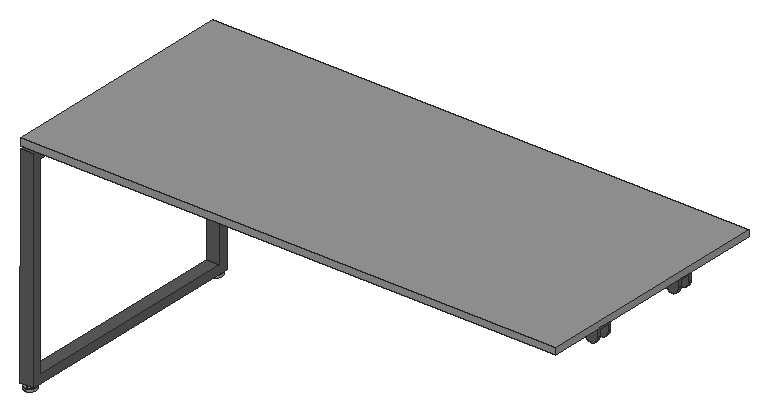
Revit family "Haworth_Tibas_Desk_Rectangular_EU_PRELIMINARY1", category Furniture, Revit 2019 (continued)
Definition of nested family "Haworth_Tibas_CableManagement_HorizontalCableTraySingleWire_PART"
  Definition of nested family "Haworth_Tibas_CableManagement_HorizontalCableTraySingleWire_140cm-PART"
    Forms (cm)
      Extrusion 4, solid, material <- "Trim Finish"
        sketch origin (96.911, 0.625, 79.9413) x (0, -1, 0) y (0, 0, -1)
          loop
            arc (7.5483, 12.45) -> (7.1233, 12.025) -> (7.5483, 11.6) r 0.425
            line (7.5483, 11.6) -> (8.3242, 11.6) -> (8.3242, 11.8) -> (7.5501, 11.8)
            arc (7.5501, 11.8) -> (7.3251, 12.025) -> (7.5501, 12.25) r 0.225
            line (7.5501, 12.25) -> (19.4242, 12.25) -> (19.4242, 5.824)
            arc (19.4242, 5.824) -> (19.4898, 5.6656) -> (19.6482, 5.6) r 0.224
            line (19.6482, 5.6) -> (19.9242, 5.6) -> (19.9242, 3.0224)
            arc (19.9242, 3.0224) -> (19.9893, 2.8651) -> (20.1466, 2.8) r 0.2224
            line (20.1466, 2.8) -> (24.1542, 2.8)
        from -36.501 to -33.501
      Extrusion 5, solid, material <- "Trim Finish"
        sketch origin (-52.1788, 0.625, 79.9413) x (0, -1, 0) y (0, 0, 1)
          loop
            line (24.1542, -2.8) -> (20.1466, -2.8)
            arc (20.1466, -2.8) -> (19.9893, -2.8651) -> (19.9242, -3.0224) r 0.2224
            line (19.9242, -3.0224) -> (19.9242, -5.6) -> (19.6482, -5.6)
            arc (19.6482, -5.6) -> (19.4898, -5.6656) -> (19.4242, -5.824) r 0.224
            line (19.4242, -5.824) -> (19.4242, -12.25) -> (7.5501, -12.25)
            arc (7.5501, -12.25) -> (7.3251, -12.025) -> (7.5501, -11.8) r 0.225
            line (7.5501, -11.8) -> (8.3242, -11.8) -> (8.3242, -11.6) -> (7.5483, -11.6)
            arc (7.5483, -11.6) -> (7.1233, -12.025) -> (7.5483, -12.45) r 0.425
            line (7.5483, -12.45) -> (19.4019, -12.45)
            arc (19.4019, -12.45) -> (19.5591, -12.3849) -> (19.6242, -12.2277) r 0.2223
            line (19.6242, -12.2277) -> (19.6242, -5.8) -> (19.9029, -5.8)
            arc (19.9029, -5.8) -> (20.0594, -5.7352) -> (20.1242, -5.5787) r 0.2213
            line (20.1242, -5.5787) -> (20.1242, -3) -> (24.1742, -3) -> (24.1742, -6) -> (24.3742, -6) -> (24.3742, -3.02)
            arc (24.3742, -3.02) -> (24.3098, -2.8644) -> (24.1542, -2.8) r 0.22
        from -36.501 to -33.501
    Cuts and joins
      Extrusion 2, Extrusion 3 cuts Extrusion 1
    Lines and regions (cm)
      Masking region 1
        outline origin (0, 0, 0) x (1, 0, 0) y (0, 1, 0)
          loop
            line (-49.1964, -4.3686) -> (-49.1964, -20.3686) -> (90.8036, -20.3686) -> (90.8036, -4.3686) -> (-49.1964, -4.3686)
    Dimensions and locks (cm)
      locked: plane 2 "Support Top" to level at 74.1363
      equal spacing: plane 4, plane 6, plane 5 "Front"
      "Actual Depth": plane 5 "Front" to plane 4
      equal spacing: plane 7, plane 3, plane 8
      "Actual Width": plane 7 to plane 8
      aligned and locked: plane 4 to cut or joined group of Extrusion 1, Extrusion 2, Extrusion 3
      aligned and locked: Masking region 1 sketch curve to plane 4
      aligned and locked: Masking region 1 sketch curve to plane 5 "Front"
      aligned and locked: cut or joined group of Extrusion 1, Extrusion 2, Extrusion 3 to plane 7
      aligned and locked: Masking region 1 to plane 7
      aligned and locked: plane 8 to cut or joined group of Extrusion 1, Extrusion 2, Extrusion 3
      aligned and locked: plane 8 to Masking region 1
    Automatic sketch dimensions
      Extrusion 1 sketch curve to plane 2 "Support Top" = 0 cm  (x2)
      Extrusion 1 sketch curve to plane 4 = 0 cm
      Extrusion 1 sketch curve to Extrusion 1 sketch curve = 0.3062 cm
      Extrusion 1 sketch curve to plane 4 = 0.3886 cm
      Extrusion 1 sketch curve to Extrusion 1 sketch curve = 0.1226 cm
      Extrusion 1 sketch curve to plane 5 "Front" = 1.3652 cm
      Extrusion 1 sketch curve to Extrusion 1 sketch curve = 0.0044 cm
      Extrusion 1 sketch curve to Extrusion 1 sketch curve = 0.1959 cm
      Extrusion 1 sketch curve to Extrusion 1 sketch curve = 0.1923 cm
      Extrusion 1 sketch curve to plane 2 "Support Top" = 5.6934 cm
      Extrusion 1 sketch curve to Extrusion 1 sketch curve = 0.0167 cm
      Extrusion 2 sketch curve to Extrusion 2 sketch curve = 0 cm  (x58)
      plane 7 to Extrusion 2 sketch curve = 4.728 cm
      Extrusion 2 sketch curve to plane 2 "Support Top" = 0.1965 cm  (x23)
      Extrusion 2 sketch curve to Extrusion 2 sketch curve = 0.2075 cm  (x31)
      Extrusion 2 sketch curve to Extrusion 2 sketch curve = 5.7925 cm  (x19)
      Extrusion 2 sketch curve to plane 3 = 5.272 cm
      plane 3 to Extrusion 2 sketch curve = 0.728 cm  (x2)
      Extrusion 2 sketch curve to plane 8 = 0.397 cm
      Extrusion 2 sketch curve to Extrusion 2 sketch curve = 3.3128 cm  (x4)
      Extrusion 2 sketch curve to Extrusion 2 sketch curve = 0.1859 cm  (x23)
      Extrusion 2 sketch curve to Extrusion 2 sketch curve = 1.7829 cm  (x14)
      Extrusion 2 sketch curve to Extrusion 2 sketch curve = 0.0134 cm  (x4)
      Extrusion 2 sketch curve to Extrusion 2 sketch curve = 1.7963 cm
      plane 4 to Extrusion 3 sketch curve = 0.3062 cm  (x15)
      plane 7 to Extrusion 3 sketch curve = 9.3145 cm
      Extrusion 3 sketch curve to Extrusion 3 sketch curve = 3.5555 cm
      Extrusion 3 sketch curve to Extrusion 3 sketch curve = 0.1945 cm  (x4)
      Extrusion 3 sketch curve to plane 7 = 0.228 cm
      Extrusion 3 sketch curve to Extrusion 3 sketch curve = 0.2075 cm  (x18)
      Extrusion 3 sketch curve to Extrusion 3 sketch curve = 5.8055 cm  (x11)
      plane 5 "Front" to Extrusion 3 sketch curve = 1.5977 cm  (x12)
      Extrusion 3 sketch curve to Extrusion 3 sketch curve = 5.7925 cm  (x9)
      Extrusion 3 sketch curve to Extrusion 3 sketch curve = 0.2204 cm  (x4)
      plane 3 to Extrusion 3 sketch curve = 3.7202 cm
      Extrusion 3 sketch curve to plane 3 = 2.2927 cm
      plane 8 to Extrusion 3 sketch curve = 1.6037 cm
      Extrusion 3 sketch curve to plane 8 = 4.4093 cm
      Extrusion 3 sketch curve to Extrusion 3 sketch curve = 4.6848 cm
      Extrusion 3 sketch curve to Extrusion 3 sketch curve = 0 cm  (x27)
      Extrusion 4 sketch curve to plane 4 = 2.5547 cm
      Extrusion 4 sketch curve to Extrusion 4 sketch curve = 0.0018 cm
      Extrusion 4 sketch curve to Extrusion 4 sketch curve = 0.7759 cm
      Extrusion 4 sketch curve to plane 5 "Front" = 1.5916 cm
      Extrusion 4 sketch curve to Extrusion 4 sketch curve = 0.0223 cm
      plane 2 "Support Top" to Extrusion 4 sketch curve = 0.005 cm
      Extrusion 4 sketch curve to Extrusion 4 sketch curve = 0.2 cm  (x5)
      Extrusion 4 sketch curve to Extrusion 4 sketch curve = 0.024 cm
      Extrusion 4 sketch curve to Extrusion 4 sketch curve = 0.2547 cm
      Extrusion 4 sketch curve to plane 5 "Front" = 1.0694 cm
      Extrusion 4 sketch curve to Extrusion 4 sketch curve = 0.0224 cm
      plane 5 "Front" to Extrusion 4 sketch curve = 3.1606 cm
      Extrusion 4 sketch curve to Extrusion 4 sketch curve = 0.02 cm  (x2)
      Extrusion 4 sketch curve to Extrusion 4 sketch curve = 2.5563 cm
      Extrusion 4 sketch curve to plane 2 "Support Top" = 0.195 cm
      Extrusion 4 sketch curve to plane 2 "Support Top" = 5.795 cm
      Extrusion 4 sketch curve to Extrusion 4 sketch curve = 0.225 cm
      Extrusion 4 sketch curve to Extrusion 4 sketch curve = 0 cm
      Masking region 1 sketch curve to plane 7 = 0 cm
      Masking region 1 sketch curve to plane 8 = 0 cm
      Extrusion 5 sketch curve to plane 4 = 2.5547 cm
      Extrusion 5 sketch curve to Extrusion 5 sketch curve = 0.0018 cm
      Extrusion 5 sketch curve to Extrusion 5 sketch curve = 0.7759 cm
      Extrusion 5 sketch curve to plane 5 "Front" = 1.5916 cm
      Extrusion 5 sketch curve to Extrusion 5 sketch curve = 0.0223 cm
      plane 2 "Support Top" to Extrusion 5 sketch curve = 0.005 cm
      Extrusion 5 sketch curve to Extrusion 5 sketch curve = 0.2 cm  (x4)
      Extrusion 5 sketch curve to Extrusion 5 sketch curve = 0.024 cm
      Extrusion 5 sketch curve to Extrusion 5 sketch curve = 0.2547 cm
      Extrusion 5 sketch curve to plane 5 "Front" = 1.0694 cm
      Extrusion 5 sketch curve to Extrusion 5 sketch curve = 0.0224 cm
      plane 5 "Front" to Extrusion 5 sketch curve = 3.1606 cm
      Extrusion 5 sketch curve to Extrusion 5 sketch curve = 0.02 cm  (x2)
      Extrusion 5 sketch curve to plane 2 "Support Top" = 0.019 cm
      Extrusion 5 sketch curve to plane 2 "Support Top" = 0.195 cm
      Extrusion 5 sketch curve to plane 2 "Support Top" = 5.795 cm
      Extrusion 5 sketch curve to Extrusion 5 sketch curve = 0.225 cm
      Extrusion 5 sketch curve to Extrusion 5 sketch curve = 0 cm
      Extrusion 5 sketch curve to Extrusion 5 sketch curve = 2.5563 cm
      plane 7 to Extrusion 2 sketch curve = 0.3105 cm
      Extrusion 2 sketch curve to Extrusion 2 sketch curve = 1.8232 cm
  Definition of nested family "Haworth_Tibas_CableManagement_HorizontalCableTraySingleWire_180cm-PART"
    Parameters (values of type "Wire Basket Single - 180cm")
      Warranty = "http://www.haworth.com/resources/product-info/warranties"
      Void Width = 20 cm  # constant formula
      URL = "www.haworth.com"
      Trim Finish = none
      Size = "Verify Final Dim. w/ Haworth"  # constant formula
      Revision Number = "1"  # constant formula
      Model = "Haworth -  Wire Basket "  # constant formula
      Manufacturer = "Haworth"  # constant formula
      Description = "Haworth -  Wire Basket 180cm "  # constant formula
      Cable Tray Finish = none
      Author = "Haworth (Abd Rahman)"  # constant formula
      Assembly Code = "E2020200"
      Actual Width = 180 cm  # constant formula
      Actual Depth = 16 cm  # constant formula
    Reference planes (cm)
      plane 1: z = 0
      plane 2 "Support Top": z = 74.1363
      plane 3: x = 20.8036
      plane 4: y = -4.3686
      plane 5 "Front": y = -20.3686
      plane 6: y = -12.3686
      plane 7: x = -69.1964
      plane 8: x = 110.8036
    Forms (cm)
      Extrusion 1, solid, material <- "Cable Tray Finish"
        sketch origin (-68.41, -24.7371, 0) x (0, 1, 0) y (0, 0, -1)
          loop
            line (5.5335, -74.1362) -> (5.5335, -68.4381)
            arc (5.5335, -68.4381) -> (5.5922, -68.2965) -> (5.7338, -68.2378) r 0.2003
            line (5.7338, -68.2378) -> (19.8574, -68.2378)
            arc (19.8574, -68.2378) -> (20.0023, -68.2979) -> (20.0623, -68.4428) r 0.205
            line (20.0623, -68.4428) -> (20.0623, -74.1362) -> (20.3686, -74.1362) -> (20.3686, -68.4261)
            arc (20.3686, -68.4261) -> (20.2547, -68.1513) -> (19.9799, -68.0374) r 0.3886
            line (19.9799, -68.0374) -> (5.7294, -68.0374)
            arc (5.7294, -68.0374) -> (5.455, -68.1511) -> (5.3413, -68.4255) r 0.3881
            line (5.3413, -68.4255) -> (5.3413, -74.1362) -> (5.5335, -74.1362)
        from -179.2136 to 0.7864
      Extrusion 2, void
        sketch origin (0, -2.9666, 0) x (1, 0, 0) y (0, 0, -1)
          loop
            line (-68.261, -73.9397) -> (-62.4684, -73.9397) -> (-62.4684, -70.6269) -> (-68.261, -70.6269) -> (-68.261, -73.9397)
          loop
            line (-62.4684, -70.4411) -> (-62.4684, -68.6179) -> (-68.261, -68.6179) -> (-68.261, -70.4411) -> (-62.4684, -70.4411)
          loop
            line (-62.261, -73.9397) -> (-56.4684, -73.9397) -> (-56.4684, -70.6269) -> (-62.261, -70.6269) -> (-62.261, -73.9397)
          loop
            line (-56.4684, -70.4411) -> (-56.4684, -68.6179) -> (-62.261, -68.6179) -> (-62.261, -70.4411) -> (-56.4684, -70.4411)
          loop
            line (-56.261, -73.9397) -> (-50.4684, -73.9397) -> (-50.4684, -70.6269) -> (-56.261, -70.6269) -> (-56.261, -73.9397)
          loop
            line (-50.4684, -70.4411) -> (-50.4684, -68.6179) -> (-56.261, -68.6179) -> (-56.261, -70.4411) -> (-50.4684, -70.4411)
          loop
            line (-50.261, -73.9397) -> (-44.4684, -73.9397) -> (-44.4684, -70.6269) -> (-50.261, -70.6269) -> (-50.261, -73.9397)
          loop
            line (-44.4684, -70.4411) -> (-44.4684, -68.6179) -> (-50.261, -68.6179) -> (-50.261, -70.4411) -> (-44.4684, -70.4411)
          loop
            line (-44.261, -73.9397) -> (-38.4684, -73.9397) -> (-38.4684, -70.6269) -> (-44.261, -70.6269) -> (-44.261, -73.9397)
          loop
            line (-38.4684, -70.4411) -> (-38.4684, -68.6448) -> (-44.261, -68.6448) -> (-44.261, -70.4411) -> (-38.4684, -70.4411)
          loop
            line (-38.261, -73.9397) -> (-32.4684, -73.9397) -> (-32.4684, -70.6269) -> (-38.261, -70.6269) -> (-38.261, -73.9397)
          loop
            line (-32.4684, -70.4411) -> (-32.4684, -68.6448) -> (-38.261, -68.6448) -> (-38.261, -70.4411) -> (-32.4684, -70.4411)
          loop
            line (-32.261, -73.9397) -> (-26.4684, -73.9397) -> (-26.4684, -70.6269) -> (-32.261, -70.6269) -> (-32.261, -73.9397)
          loop
            line (-26.4684, -70.4411) -> (-26.4684, -68.6448) -> (-32.261, -68.6448) -> (-32.261, -70.4411) -> (-26.4684, -70.4411)
          loop
            line (-26.261, -73.9397) -> (-20.4684, -73.9397) -> (-20.4684, -70.6269) -> (-26.261, -70.6269) -> (-26.261, -73.9397)
          loop
            line (-20.4684, -70.4411) -> (-20.4684, -68.6582) -> (-26.261, -68.6582) -> (-26.261, -70.4411) -> (-20.4684, -70.4411)
          loop
            line (-20.261, -73.9397) -> (-14.4684, -73.9397) -> (-14.4684, -70.6269) -> (-20.261, -70.6269) -> (-20.261, -73.9397)
          loop
            line (-14.4684, -70.4411) -> (-14.4684, -68.6582) -> (-20.261, -68.6582) -> (-20.261, -70.4411) -> (-14.4684, -70.4411)
          loop
            line (-14.261, -73.9397) -> (-8.4684, -73.9397) -> (-8.4684, -70.6269) -> (-14.261, -70.6269) -> (-14.261, -73.9397)
          loop
            line (-8.4684, -70.4411) -> (-8.4684, -68.6582) -> (-14.261, -68.6582) -> (-14.261, -70.4411) -> (-8.4684, -70.4411)
          loop
            line (-8.261, -73.9397) -> (-2.4684, -73.9397) -> (-2.4684, -70.6269) -> (-8.261, -70.6269) -> (-8.261, -73.9397)
          loop
            line (-2.4684, -70.4411) -> (-2.4684, -68.6448) -> (-8.261, -68.6448) -> (-8.261, -70.4411) -> (-2.4684, -70.4411)
          loop
            line (-2.261, -73.9397) -> (3.5316, -73.9397) -> (3.5316, -70.6269) -> (-2.261, -70.6269) -> (-2.261, -73.9397)
          loop
            line (3.5316, -70.4411) -> (3.5316, -68.6582) -> (-2.261, -68.6582) -> (-2.261, -70.4411) -> (3.5316, -70.4411)
          loop
            line (3.739, -73.9397) -> (9.5316, -73.9397) -> (9.5316, -70.6269) -> (3.739, -70.6269) -> (3.739, -73.9397)
          loop
            line (9.5316, -70.4411) -> (9.5316, -68.6582) -> (3.739, -68.6582) -> (3.739, -70.4411) -> (9.5316, -70.4411)
          loop
            line (9.739, -73.9397) -> (15.5316, -73.9397) -> (15.5316, -70.6269) -> (9.739, -70.6269) -> (9.739, -73.9397)
          loop
            line (15.5316, -70.4411) -> (15.5316, -68.6582) -> (9.739, -68.6582) -> (9.739, -70.4411) -> (15.5316, -70.4411)
          loop
            line (15.739, -73.9397) -> (21.5316, -73.9397) -> (21.5316, -70.6269) -> (15.739, -70.6269) -> (15.739, -73.9397)
          loop
            line (21.5316, -70.4411) -> (21.5316, -68.6582) -> (15.739, -68.6582) -> (15.739, -70.4411) -> (21.5316, -70.4411)
          loop
            line (21.739, -73.9397) -> (27.5316, -73.9397) -> (27.5316, -70.6269) -> (21.739, -70.6269) -> (21.739, -73.9397)
          loop
            line (27.5316, -70.4411) -> (27.5316, -68.6582) -> (21.739, -68.6582) -> (21.739, -70.4411) -> (27.5316, -70.4411)
          loop
            line (27.739, -73.9397) -> (33.5316, -73.9397) -> (33.5316, -70.6269) -> (27.739, -70.6269) -> (27.739, -73.9397)
          loop
            line (33.5316, -70.4411) -> (33.5316, -68.6448) -> (27.739, -68.6448) -> (27.739, -70.4411) -> (33.5316, -70.4411)
          loop
            line (33.739, -73.9397) -> (39.5316, -73.9397) -> (39.5316, -70.6269) -> (33.739, -70.6269) -> (33.739, -73.9397)
          loop
            line (39.5316, -70.4411) -> (39.5316, -68.6582) -> (33.739, -68.6582) -> (33.739, -70.4411) -> (39.5316, -70.4411)
          loop
            line (39.739, -73.9397) -> (45.5316, -73.9397) -> (45.5316, -70.6269) -> (39.739, -70.6269) -> (39.739, -73.9397)
          loop
            line (45.5316, -70.4411) -> (45.5316, -68.6582) -> (39.739, -68.6582) -> (39.739, -70.4411) -> (45.5316, -70.4411)
          loop
            line (45.739, -73.9397) -> (51.5316, -73.9397) -> (51.5316, -70.6269) -> (45.739, -70.6269) -> (45.739, -73.9397)
          loop
            line (51.5316, -70.4411) -> (51.5316, -68.6582) -> (45.739, -68.6582) -> (45.739, -70.4411) -> (51.5316, -70.4411)
          loop
            line (51.739, -73.9397) -> (57.5316, -73.9397) -> (57.5316, -70.6269) -> (51.739, -70.6269) -> (51.739, -73.9397)
          loop
            line (57.5316, -70.4411) -> (57.5316, -68.6582) -> (51.739, -68.6582) -> (51.739, -70.4411) -> (57.5316, -70.4411)
          loop
            line (57.739, -73.9397) -> (63.5316, -73.9397) -> (63.5316, -70.6269) -> (57.739, -70.6269) -> (57.739, -73.9397)
          loop
            line (63.5316, -70.4411) -> (63.5316, -68.6582) -> (57.739, -68.6582) -> (57.739, -70.4411) -> (63.5316, -70.4411)
          loop
            line (63.739, -73.9397) -> (69.5316, -73.9397) -> (69.5316, -70.6269) -> (63.739, -70.6269) -> (63.739, -73.9397)
          loop
            line (69.5316, -70.4411) -> (69.5316, -68.6448) -> (63.739, -68.6448) -> (63.739, -70.4411) -> (69.5316, -70.4411)
          loop
            line (69.739, -73.9397) -> (75.5316, -73.9397) -> (75.5316, -70.6269) -> (69.739, -70.6269) -> (69.739, -73.9397)
          loop
            line (75.5316, -70.4411) -> (75.5316, -68.6582) -> (69.739, -68.6582) -> (69.739, -70.4411) -> (75.5316, -70.4411)
          loop
            line (75.739, -73.9397) -> (81.5316, -73.9397) -> (81.5316, -70.6269) -> (75.739, -70.6269) -> (75.739, -73.9397)
          loop
            line (81.5316, -70.4411) -> (81.5316, -68.6582) -> (75.739, -68.6582) -> (75.739, -70.4411) -> (81.5316, -70.4411)
          loop
            line (81.739, -73.9397) -> (87.5316, -73.9397) -> (87.5316, -70.6269) -> (81.739, -70.6269) -> (81.739, -73.9397)
          loop
            line (87.5316, -70.4411) -> (87.5316, -68.6582) -> (81.739, -68.6582) -> (81.739, -70.4411) -> (87.5316, -70.4411)
          loop
            line (87.739, -73.9397) -> (93.5316, -73.9397) -> (93.5316, -70.6269) -> (87.739, -70.6269) -> (87.739, -73.9397)
          loop
            line (93.5316, -70.4411) -> (93.5316, -68.6582) -> (87.739, -68.6582) -> (87.739, -70.4411) -> (93.5316, -70.4411)
          loop
            line (93.739, -73.9397) -> (98.0316, -73.9397) -> (98.0316, -70.6269) -> (93.739, -70.6269) -> (93.739, -73.9397)
          loop
            line (98.0316, -70.4411) -> (98.0316, -68.6582) -> (93.739, -68.6582) -> (93.739, -70.4411) -> (98.0316, -70.4411)
          loop
            line (98.239, -73.9397) -> (104.0316, -73.9397) -> (104.0316, -70.6269) -> (98.239, -70.6269) -> (98.239, -73.9397)
          loop
            line (104.0316, -70.4411) -> (104.0316, -68.6582) -> (98.239, -68.6582) -> (98.239, -70.4411) -> (104.0316, -70.4411)
          loop
            line (104.239, -73.9397) -> (110.0316, -73.9397) -> (110.0316, -70.6269) -> (104.239, -70.6269) -> (104.239, -73.9397)
          loop
            line (110.0316, -70.4411) -> (110.0316, -68.6582) -> (104.239, -68.6582) -> (104.239, -70.4411) -> (110.0316, -70.4411)
        from -21.2076 to 0.5784
      Extrusion 3, void
        sketch origin (0, -24.7371, 0) x (1, 0, 0) y (0, 1, 0)
          loop
            line (-68.636, 5.9663) -> (-60.9684, 5.9663) -> (-60.9684, 20.0623) -> (-68.636, 20.0623) -> (-68.636, 5.9663)
          loop
            line (-60.761, 5.9663) -> (-54.9555, 5.9663) -> (-54.9555, 20.0623) -> (-60.761, 20.0623) -> (-60.761, 5.9663)
          loop
            line (-54.761, 5.9663) -> (-48.9684, 5.9663) -> (-48.9684, 20.0623) -> (-54.761, 20.0623) -> (-54.761, 5.9663)
          loop
            line (-48.761, 5.9663) -> (-42.9555, 5.9663) -> (-42.9555, 20.0623) -> (-48.761, 20.0623) -> (-48.761, 5.9663)
          loop
            line (-42.761, 5.9663) -> (-36.9684, 5.9663) -> (-36.9684, 20.0623) -> (-42.761, 20.0623) -> (-42.761, 5.9663)
          loop
            line (-36.761, 5.9663) -> (-30.9555, 5.9663) -> (-30.9555, 20.0623) -> (-36.761, 20.0623) -> (-36.761, 5.9663)
          loop
            line (-30.761, 5.9663) -> (-24.9684, 5.9663) -> (-24.9684, 20.0623) -> (-30.761, 20.0623) -> (-30.761, 5.9663)
          loop
            line (-24.761, 5.9663) -> (-18.9555, 5.9663) -> (-18.9555, 20.0623) -> (-24.761, 20.0623) -> (-24.761, 5.9663)
          loop
            line (-18.761, 5.9663) -> (-12.9684, 5.9663) -> (-12.9684, 20.0623) -> (-18.761, 20.0623) -> (-18.761, 5.9663)
          loop
            line (-12.761, 5.9663) -> (-6.9555, 5.9663) -> (-6.9555, 20.0623) -> (-12.761, 20.0623) -> (-12.761, 5.9663)
          loop
            line (-6.748, 5.9663) -> (-0.9555, 5.9663) -> (-0.9555, 20.0623) -> (-6.748, 20.0623) -> (-6.748, 5.9663)
          loop
            line (-0.748, 5.9663) -> (5.0575, 5.9663) -> (5.0575, 20.0623) -> (-0.748, 20.0623) -> (-0.748, 5.9663)
          loop
            line (5.2779, 5.9663) -> (11.0704, 5.9663) -> (11.0704, 20.0623) -> (5.2779, 20.0623) -> (5.2779, 5.9663)
          loop
            line (11.2779, 5.9663) -> (17.0834, 5.9663) -> (17.0834, 20.0623) -> (11.2779, 20.0623) -> (11.2779, 5.9663)
          loop
            line (17.2908, 5.9663) -> (23.0963, 5.9663) -> (23.0963, 20.0623) -> (17.2908, 20.0623) -> (17.2908, 5.9663)
          loop
            line (23.3038, 5.9663) -> (29.0963, 5.9663) -> (29.0963, 20.0623) -> (23.3038, 20.0623) -> (23.3038, 5.9663)
          loop
            line (29.3038, 5.9663) -> (35.1093, 5.9663) -> (35.1093, 20.0623) -> (29.3038, 20.0623) -> (29.3038, 5.9663)
          loop
            line (35.3297, 5.9663) -> (41.1222, 5.9663) -> (41.1222, 20.0623) -> (35.3297, 20.0623) -> (35.3297, 5.9663)
          loop
            line (41.3297, 5.9663) -> (47.1351, 5.9663) -> (47.1351, 20.0623) -> (41.3297, 20.0623) -> (41.3297, 5.9663)
          loop
            line (47.3426, 5.9663) -> (53.1481, 5.9663) -> (53.1481, 20.0623) -> (47.3426, 20.0623) -> (47.3426, 5.9663)
          loop
            line (53.3556, 5.9663) -> (59.1481, 5.9663) -> (59.1481, 20.0623) -> (53.3556, 20.0623) -> (53.3556, 5.9663)
          loop
            line (59.3556, 5.9663) -> (65.161, 5.9663) -> (65.161, 20.0623) -> (59.3556, 20.0623) -> (59.3556, 5.9663)
          loop
            line (65.3815, 5.9663) -> (71.174, 5.9663) -> (71.174, 20.0623) -> (65.3815, 20.0623) -> (65.3815, 5.9663)
          loop
            line (71.3815, 5.9663) -> (77.1869, 5.9663) -> (77.1869, 20.0623) -> (71.3815, 20.0623) -> (71.3815, 5.9663)
          loop
            line (77.3944, 5.9663) -> (83.1999, 5.9663) -> (83.1999, 20.0623) -> (77.3944, 20.0623) -> (77.3944, 5.9663)
          loop
            line (83.4074, 5.9663) -> (89.1999, 5.9663) -> (89.1999, 20.0623) -> (83.4074, 20.0623) -> (83.4074, 5.9663)
          loop
            line (89.4074, 5.9663) -> (95.2128, 5.9663) -> (95.2128, 20.0623) -> (89.4074, 20.0623) -> (89.4074, 5.9663)
          loop
            line (95.4333, 5.9663) -> (101.2258, 5.9663) -> (101.2258, 20.0623) -> (95.4333, 20.0623) -> (95.4333, 5.9663)
          loop
            line (101.4333, 5.9663) -> (107.2387, 5.9663) -> (107.2387, 20.0623) -> (101.4333, 20.0623) -> (101.4333, 5.9663)
          loop
            line (107.4592, 5.9663) -> (110.2517, 5.9663) -> (110.2517, 20.0623) -> (107.4592, 20.0623) -> (107.4592, 5.9663)
        from 0 to 76.0995
      Extrusion 4, solid, material <- "Trim Finish"
        sketch origin (113.911, 0.625, 79.9413) x (0, -1, 0) y (0, 0, -1)
          loop
            arc (24.1542, 2.8) -> (24.3098, 2.8644) -> (24.3742, 3.02) r 0.22
            line (24.3742, 3.02) -> (24.3742, 6) -> (24.1742, 6) -> (24.1742, 3) -> (20.1242, 3) -> (20.1242, 5.5787)
            arc (20.1242, 5.5787) -> (20.0594, 5.7352) -> (19.9029, 5.8) r 0.2213
            line (19.9029, 5.8) -> (19.6242, 5.8) -> (19.6242, 12.2277)
            arc (19.6242, 12.2277) -> (19.5591, 12.3849) -> (19.4019, 12.45) r 0.2223
            line (19.4019, 12.45) -> (7.5483, 12.45)
            arc (7.5483, 12.45) -> (7.1233, 12.025) -> (7.5483, 11.6) r 0.425
            line (7.5483, 11.6) -> (8.3242, 11.6) -> (8.3242, 11.8) -> (7.5501, 11.8)
            arc (7.5501, 11.8) -> (7.3251, 12.025) -> (7.5501, 12.25) r 0.225
            line (7.5501, 12.25) -> (19.4242, 12.25) -> (19.4242, 5.824)
            arc (19.4242, 5.824) -> (19.4898, 5.6656) -> (19.6482, 5.6) r 0.224
            line (19.6482, 5.6) -> (19.9242, 5.6) -> (19.9242, 3.0224)
            arc (19.9242, 3.0224) -> (19.9893, 2.8651) -> (20.1466, 2.8) r 0.2224
            line (20.1466, 2.8) -> (24.1542, 2.8)
        from -36.501 to -33.501
      Extrusion 5, solid, material <- "Trim Finish"
        sketch origin (-72.3038, 0.625, 79.9413) x (0, -1, 0) y (0, 0, 1)
          loop
            line (24.1542, -2.8) -> (20.1466, -2.8)
            arc (20.1466, -2.8) -> (19.9893, -2.8651) -> (19.9242, -3.0224) r 0.2224
            line (19.9242, -3.0224) -> (19.9242, -5.6) -> (19.6482, -5.6)
            arc (19.6482, -5.6) -> (19.4898, -5.6656) -> (19.4242, -5.824) r 0.224
            line (19.4242, -5.824) -> (19.4242, -12.25) -> (7.5501, -12.25)
            arc (7.5501, -12.25) -> (7.3251, -12.025) -> (7.5501, -11.8) r 0.225
            line (7.5501, -11.8) -> (8.3242, -11.8) -> (8.3242, -11.6) -> (7.5483, -11.6)
            arc (7.5483, -11.6) -> (7.1233, -12.025) -> (7.5483, -12.45) r 0.425
            line (7.5483, -12.45) -> (19.4019, -12.45)
            arc (19.4019, -12.45) -> (19.5591, -12.3849) -> (19.6242, -12.2277) r 0.2223
            line (19.6242, -12.2277) -> (19.6242, -5.8) -> (19.9029, -5.8)
            arc (19.9029, -5.8) -> (20.0594, -5.7352) -> (20.1242, -5.5787) r 0.2213
            line (20.1242, -5.5787) -> (20.1242, -3) -> (24.1742, -3) -> (24.1742, -6) -> (24.3742, -6) -> (24.3742, -3.02)
            arc (24.3742, -3.02) -> (24.3098, -2.8644) -> (24.1542, -2.8) r 0.22
        from -36.501 to -33.501
    Cuts and joins
      Extrusion 2, Extrusion 3 cuts Extrusion 1
    Lines and regions (cm)
      Masking region 1
        outline origin (0, 0, 0) x (1, 0, 0) y (0, 1, 0)
          loop
            line (-69.1964, -4.3686) -> (-69.1964, -20.3686) -> (110.8036, -20.3686) -> (110.8036, -4.3686) -> (-69.1964, -4.3686)
    Dimensions and locks (cm)
      locked: plane 2 "Support Top" to level at 74.1363
      equal spacing: plane 4, plane 6, plane 5 "Front"
      "Actual Depth": plane 5 "Front" to plane 4
      equal spacing: plane 7, plane 3, plane 8
      "Actual Width": plane 7 to plane 8
      aligned and locked: plane 4 to cut or joined group of Extrusion 1, Extrusion 2, Extrusion 3
      aligned and locked: Masking region 1 sketch curve to plane 4
      aligned and locked: Masking region 1 sketch curve to plane 5 "Front"
      aligned and locked: Masking region 1 sketch curve to plane 8
      aligned and locked: plane 7 to Masking region 1 sketch curve
      aligned and locked: cut or joined group of Extrusion 1, Extrusion 2, Extrusion 3 to plane 7
      aligned and locked: plane 8 to cut or joined group of Extrusion 1, Extrusion 2, Extrusion 3
    Automatic sketch dimensions
      Extrusion 1 sketch curve to plane 2 "Support Top" = 0 cm  (x2)
      Extrusion 1 sketch curve to plane 4 = 0 cm
      Extrusion 1 sketch curve to Extrusion 1 sketch curve = 0.3062 cm
      Extrusion 1 sketch curve to plane 4 = 0.3886 cm
      Extrusion 1 sketch curve to Extrusion 1 sketch curve = 0.1226 cm
      Extrusion 1 sketch curve to plane 5 "Front" = 1.3652 cm
      Extrusion 1 sketch curve to Extrusion 1 sketch curve = 0.0044 cm
      Extrusion 1 sketch curve to Extrusion 1 sketch curve = 0.1959 cm
      Extrusion 1 sketch curve to Extrusion 1 sketch curve = 0.1923 cm
      Extrusion 1 sketch curve to plane 2 "Support Top" = 5.6934 cm
      Extrusion 1 sketch curve to Extrusion 1 sketch curve = 0.0167 cm
      Extrusion 2 sketch curve to plane 2 "Support Top" = 0.1965 cm  (x30)
      plane 7 to Extrusion 2 sketch curve = 0.9355 cm
      Extrusion 2 sketch curve to Extrusion 2 sketch curve = 0 cm  (x75)
      Extrusion 2 sketch curve to Extrusion 2 sketch curve = 5.7925 cm  (x26)
      Extrusion 2 sketch curve to Extrusion 2 sketch curve = 0.2075 cm  (x40)
      Extrusion 2 sketch curve to plane 3 = 5.272 cm
      plane 3 to Extrusion 2 sketch curve = 0.728 cm  (x2)
      Extrusion 2 sketch curve to Extrusion 2 sketch curve = 4.2925 cm
      Extrusion 2 sketch curve to plane 8 = 0.772 cm  (x2)
      Extrusion 2 sketch curve to Extrusion 2 sketch curve = 3.3128 cm  (x6)
      Extrusion 2 sketch curve to Extrusion 2 sketch curve = 0.1859 cm  (x30)
      Extrusion 2 sketch curve to Extrusion 2 sketch curve = 1.7829 cm  (x17)
      Extrusion 2 sketch curve to Extrusion 2 sketch curve = 1.7963 cm  (x3)
      Extrusion 2 sketch curve to Extrusion 2 sketch curve = 0.0134 cm  (x3)
      Extrusion 2 sketch curve to Extrusion 2 sketch curve = 1.8232 cm  (x3)
      Extrusion 3 sketch curve to plane 7 = 0.5605 cm
      plane 4 to Extrusion 3 sketch curve = 0.3062 cm  (x23)
      Extrusion 3 sketch curve to Extrusion 3 sketch curve = 7.6675 cm
      Extrusion 3 sketch curve to Extrusion 3 sketch curve = 0.2075 cm  (x20)
      Extrusion 3 sketch curve to Extrusion 3 sketch curve = 5.8055 cm  (x13)
      Extrusion 3 sketch curve to Extrusion 3 sketch curve = 0.1945 cm  (x4)
      Extrusion 3 sketch curve to Extrusion 3 sketch curve = 5.7925 cm  (x12)
      Extrusion 3 sketch curve to Extrusion 3 sketch curve = 0.2204 cm  (x5)
      plane 3 to Extrusion 3 sketch curve = 3.7202 cm
      Extrusion 3 sketch curve to plane 3 = 2.2927 cm
      plane 5 "Front" to Extrusion 3 sketch curve = 1.5977 cm  (x8)
      plane 8 to Extrusion 3 sketch curve = 3.5648 cm
      plane 8 to Extrusion 3 sketch curve = 0.5519 cm
      Extrusion 3 sketch curve to Extrusion 3 sketch curve = 0 cm  (x29)
      Extrusion 4 sketch curve to plane 4 = 2.5547 cm
      Extrusion 4 sketch curve to Extrusion 4 sketch curve = 0.0018 cm
      Extrusion 4 sketch curve to Extrusion 4 sketch curve = 0.7759 cm
      Extrusion 4 sketch curve to plane 5 "Front" = 1.5916 cm
      Extrusion 4 sketch curve to Extrusion 4 sketch curve = 0.0223 cm
      plane 2 "Support Top" to Extrusion 4 sketch curve = 0.005 cm
      Extrusion 4 sketch curve to Extrusion 4 sketch curve = 0.2 cm  (x5)
      Extrusion 4 sketch curve to Extrusion 4 sketch curve = 0.024 cm
      Extrusion 4 sketch curve to Extrusion 4 sketch curve = 0.2547 cm
      Extrusion 4 sketch curve to plane 5 "Front" = 1.0694 cm
      Extrusion 4 sketch curve to Extrusion 4 sketch curve = 0.0224 cm
      plane 5 "Front" to Extrusion 4 sketch curve = 3.1606 cm
      Extrusion 4 sketch curve to Extrusion 4 sketch curve = 0.02 cm  (x2)
      Extrusion 4 sketch curve to Extrusion 4 sketch curve = 2.5563 cm
      Extrusion 4 sketch curve to plane 2 "Support Top" = 0.195 cm
      Extrusion 4 sketch curve to plane 2 "Support Top" = 5.795 cm
      Extrusion 4 sketch curve to Extrusion 4 sketch curve = 0.225 cm
      Extrusion 4 sketch curve to Extrusion 4 sketch curve = 0 cm
      Extrusion 5 sketch curve to plane 4 = 2.5547 cm
      Extrusion 5 sketch curve to Extrusion 5 sketch curve = 0.0018 cm
      Extrusion 5 sketch curve to Extrusion 5 sketch curve = 0.7759 cm
      Extrusion 5 sketch curve to plane 5 "Front" = 1.5916 cm
      Extrusion 5 sketch curve to Extrusion 5 sketch curve = 0.0223 cm
      plane 2 "Support Top" to Extrusion 5 sketch curve = 0.005 cm
      Extrusion 5 sketch curve to Extrusion 5 sketch curve = 0.2 cm  (x4)
      Extrusion 5 sketch curve to Extrusion 5 sketch curve = 0.024 cm
      Extrusion 5 sketch curve to Extrusion 5 sketch curve = 0.2547 cm
      Extrusion 5 sketch curve to plane 5 "Front" = 1.0694 cm
      Extrusion 5 sketch curve to Extrusion 5 sketch curve = 0.0224 cm
      plane 5 "Front" to Extrusion 5 sketch curve = 3.1606 cm
      Extrusion 5 sketch curve to Extrusion 5 sketch curve = 0.02 cm  (x2)
      Extrusion 5 sketch curve to plane 2 "Support Top" = 0.019 cm
      Extrusion 5 sketch curve to plane 2 "Support Top" = 0.195 cm
      Extrusion 5 sketch curve to plane 2 "Support Top" = 5.795 cm
      Extrusion 5 sketch curve to Extrusion 5 sketch curve = 0.225 cm
      Extrusion 5 sketch curve to Extrusion 5 sketch curve = 0 cm
      Extrusion 5 sketch curve to Extrusion 5 sketch curve = 2.5563 cm
  Definition of nested family "Haworth_Tibas_CableManagement_HorizontalCableTraySingleWire_200cm-PART"
    Parameters (values of type "Wire Basket Single - 200cm")
      Warranty = "http://www.haworth.com/resources/product-info/warranties"
      Void Width = 20 cm  # constant formula
      URL = "www.haworth.com"
      Trim Finish = none
      Size = "Verify Final Dim. w/ Haworth"  # constant formula
      Revision Number = "1"  # constant formula
      Model = "Haworth -  Wire Basket "  # constant formula
      Manufacturer = "Haworth"  # constant formula
      Description = "Haworth -  Wire Basket 200cm "  # constant formula
      Cable Tray Finish = none
      Author = "Haworth (Abd Rahman)"  # constant formula
      Assembly Code = "E2020200"
      Actual Width = 200 cm  # constant formula
      Actual Depth = 16 cm  # constant formula
    Reference planes (cm)
      plane 1: z = 0
      plane 2 "Support Top": z = 74.1363
      plane 3: x = -79.1964
      plane 4: x = 120.8036
      plane 5: x = 20.8036
      plane 6: y = -4.3686
      plane 7 "Front": y = -20.3686
      plane 8: y = -12.3686
    Forms (cm)
      Extrusion 1, solid, material <- "Cable Tray Finish"
        sketch origin (-68.41, -24.7371, 0) x (0, 1, 0) y (0, 0, -1)
          loop
            line (5.5335, -74.1362) -> (5.5335, -68.4381)
            arc (5.5335, -68.4381) -> (5.5922, -68.2965) -> (5.7338, -68.2378) r 0.2003
            line (5.7338, -68.2378) -> (19.8574, -68.2378)
            arc (19.8574, -68.2378) -> (20.0023, -68.2979) -> (20.0623, -68.4428) r 0.205
            line (20.0623, -68.4428) -> (20.0623, -74.1362) -> (20.3686, -74.1362) -> (20.3686, -68.4261)
            arc (20.3686, -68.4261) -> (20.2547, -68.1513) -> (19.9799, -68.0374) r 0.3886
            line (19.9799, -68.0374) -> (5.7294, -68.0374)
            arc (5.7294, -68.0374) -> (5.455, -68.1511) -> (5.3413, -68.4255) r 0.3881
            line (5.3413, -68.4255) -> (5.3413, -74.1362) -> (5.5335, -74.1362)
        from -189.2136 to 10.7864
      Extrusion 2, void
        sketch origin (0, -2.9666, 0) x (1, 0, 0) y (0, 0, -1)
          loop
            line (-74.261, -73.9397) -> (-68.4684, -73.9397) -> (-68.4684, -70.6269) -> (-74.261, -70.6269) -> (-74.261, -73.9397)
          loop
            line (-68.4684, -70.4411) -> (-68.4684, -68.6179) -> (-74.261, -68.6179) -> (-74.261, -70.4411) -> (-68.4684, -70.4411)
          loop
            line (-68.261, -73.9397) -> (-62.4684, -73.9397) -> (-62.4684, -70.6269) -> (-68.261, -70.6269) -> (-68.261, -73.9397)
          loop
            line (-62.4684, -70.4411) -> (-62.4684, -68.6179) -> (-68.261, -68.6179) -> (-68.261, -70.4411) -> (-62.4684, -70.4411)
          loop
            line (-62.261, -73.9397) -> (-56.4684, -73.9397) -> (-56.4684, -70.6269) -> (-62.261, -70.6269) -> (-62.261, -73.9397)
          loop
            line (-56.4684, -70.4411) -> (-56.4684, -68.6179) -> (-62.261, -68.6179) -> (-62.261, -70.4411) -> (-56.4684, -70.4411)
          loop
            line (-56.261, -73.9397) -> (-50.4684, -73.9397) -> (-50.4684, -70.6269) -> (-56.261, -70.6269) -> (-56.261, -73.9397)
          loop
            line (-50.4684, -70.4411) -> (-50.4684, -68.6179) -> (-56.261, -68.6179) -> (-56.261, -70.4411) -> (-50.4684, -70.4411)
          loop
            line (-50.261, -73.9397) -> (-44.4684, -73.9397) -> (-44.4684, -70.6269) -> (-50.261, -70.6269) -> (-50.261, -73.9397)
          loop
            line (-44.4684, -70.4411) -> (-44.4684, -68.6179) -> (-50.261, -68.6179) -> (-50.261, -70.4411) -> (-44.4684, -70.4411)
          loop
            line (-78.5742, -73.9397) -> (-74.4664, -73.9397) -> (-74.4664, -70.6269) -> (-78.5742, -70.6269) -> (-78.5742, -73.9397)
          loop
            line (-74.4664, -70.4411) -> (-74.4664, -68.6179) -> (-78.5619, -68.6179) -> (-78.5619, -70.4411) -> (-74.4664, -70.4411)
          loop
            line (-44.261, -73.9397) -> (-38.4684, -73.9397) -> (-38.4684, -70.6269) -> (-44.261, -70.6269) -> (-44.261, -73.9397)
          loop
            line (-38.4684, -70.4411) -> (-38.4684, -68.6448) -> (-44.261, -68.6448) -> (-44.261, -70.4411) -> (-38.4684, -70.4411)
          loop
            line (-38.261, -73.9397) -> (-32.4684, -73.9397) -> (-32.4684, -70.6269) -> (-38.261, -70.6269) -> (-38.261, -73.9397)
          loop
            line (-32.4684, -70.4411) -> (-32.4684, -68.6448) -> (-38.261, -68.6448) -> (-38.261, -70.4411) -> (-32.4684, -70.4411)
          loop
            line (-32.261, -73.9397) -> (-26.4684, -73.9397) -> (-26.4684, -70.6269) -> (-32.261, -70.6269) -> (-32.261, -73.9397)
          loop
            line (-26.4684, -70.4411) -> (-26.4684, -68.6448) -> (-32.261, -68.6448) -> (-32.261, -70.4411) -> (-26.4684, -70.4411)
          loop
            line (-26.261, -73.9397) -> (-20.4684, -73.9397) -> (-20.4684, -70.6269) -> (-26.261, -70.6269) -> (-26.261, -73.9397)
          loop
            line (-20.4684, -70.4411) -> (-20.4684, -68.6582) -> (-26.261, -68.6582) -> (-26.261, -70.4411) -> (-20.4684, -70.4411)
          loop
            line (-20.261, -73.9397) -> (-14.4684, -73.9397) -> (-14.4684, -70.6269) -> (-20.261, -70.6269) -> (-20.261, -73.9397)
          loop
            line (-14.4684, -70.4411) -> (-14.4684, -68.6582) -> (-20.261, -68.6582) -> (-20.261, -70.4411) -> (-14.4684, -70.4411)
          loop
            line (-14.261, -73.9397) -> (-8.4684, -73.9397) -> (-8.4684, -70.6269) -> (-14.261, -70.6269) -> (-14.261, -73.9397)
          loop
            line (-8.4684, -70.4411) -> (-8.4684, -68.6582) -> (-14.261, -68.6582) -> (-14.261, -70.4411) -> (-8.4684, -70.4411)
          loop
            line (-8.261, -73.9397) -> (-2.4684, -73.9397) -> (-2.4684, -70.6269) -> (-8.261, -70.6269) -> (-8.261, -73.9397)
          loop
            line (-2.4684, -70.4411) -> (-2.4684, -68.6448) -> (-8.261, -68.6448) -> (-8.261, -70.4411) -> (-2.4684, -70.4411)
          loop
            line (-2.261, -73.9397) -> (3.5316, -73.9397) -> (3.5316, -70.6269) -> (-2.261, -70.6269) -> (-2.261, -73.9397)
          loop
            line (3.5316, -70.4411) -> (3.5316, -68.6582) -> (-2.261, -68.6582) -> (-2.261, -70.4411) -> (3.5316, -70.4411)
          loop
            line (3.739, -73.9397) -> (9.5316, -73.9397) -> (9.5316, -70.6269) -> (3.739, -70.6269) -> (3.739, -73.9397)
          loop
            line (9.5316, -70.4411) -> (9.5316, -68.6582) -> (3.739, -68.6582) -> (3.739, -70.4411) -> (9.5316, -70.4411)
          loop
            line (9.739, -73.9397) -> (15.5316, -73.9397) -> (15.5316, -70.6269) -> (9.739, -70.6269) -> (9.739, -73.9397)
          loop
            line (15.5316, -70.4411) -> (15.5316, -68.6582) -> (9.739, -68.6582) -> (9.739, -70.4411) -> (15.5316, -70.4411)
          loop
            line (15.739, -73.9397) -> (21.5316, -73.9397) -> (21.5316, -70.6269) -> (15.739, -70.6269) -> (15.739, -73.9397)
          loop
            line (21.5316, -70.4411) -> (21.5316, -68.6582) -> (15.739, -68.6582) -> (15.739, -70.4411) -> (21.5316, -70.4411)
          loop
            line (21.739, -73.9397) -> (27.5316, -73.9397) -> (27.5316, -70.6269) -> (21.739, -70.6269) -> (21.739, -73.9397)
          loop
            line (27.5316, -70.4411) -> (27.5316, -68.6582) -> (21.739, -68.6582) -> (21.739, -70.4411) -> (27.5316, -70.4411)
          loop
            line (27.739, -73.9397) -> (33.5316, -73.9397) -> (33.5316, -70.6269) -> (27.739, -70.6269) -> (27.739, -73.9397)
          loop
            line (33.5316, -70.4411) -> (33.5316, -68.6448) -> (27.739, -68.6448) -> (27.739, -70.4411) -> (33.5316, -70.4411)
          loop
            line (33.739, -73.9397) -> (39.5316, -73.9397) -> (39.5316, -70.6269) -> (33.739, -70.6269) -> (33.739, -73.9397)
          loop
            line (39.5316, -70.4411) -> (39.5316, -68.6582) -> (33.739, -68.6582) -> (33.739, -70.4411) -> (39.5316, -70.4411)
          loop
            line (39.739, -73.9397) -> (45.5316, -73.9397) -> (45.5316, -70.6269) -> (39.739, -70.6269) -> (39.739, -73.9397)
          loop
            line (45.5316, -70.4411) -> (45.5316, -68.6582) -> (39.739, -68.6582) -> (39.739, -70.4411) -> (45.5316, -70.4411)
          loop
            line (45.739, -73.9397) -> (51.5316, -73.9397) -> (51.5316, -70.6269) -> (45.739, -70.6269) -> (45.739, -73.9397)
          loop
            line (51.5316, -70.4411) -> (51.5316, -68.6582) -> (45.739, -68.6582) -> (45.739, -70.4411) -> (51.5316, -70.4411)
          loop
            line (51.739, -73.9397) -> (57.5316, -73.9397) -> (57.5316, -70.6269) -> (51.739, -70.6269) -> (51.739, -73.9397)
          loop
            line (57.5316, -70.4411) -> (57.5316, -68.6582) -> (51.739, -68.6582) -> (51.739, -70.4411) -> (57.5316, -70.4411)
          loop
            line (57.739, -73.9397) -> (63.5316, -73.9397) -> (63.5316, -70.6269) -> (57.739, -70.6269) -> (57.739, -73.9397)
          loop
            line (63.5316, -70.4411) -> (63.5316, -68.6582) -> (57.739, -68.6582) -> (57.739, -70.4411) -> (63.5316, -70.4411)
          loop
            line (63.739, -73.9397) -> (69.5316, -73.9397) -> (69.5316, -70.6269) -> (63.739, -70.6269) -> (63.739, -73.9397)
          loop
            line (69.5316, -70.4411) -> (69.5316, -68.6448) -> (63.739, -68.6448) -> (63.739, -70.4411) -> (69.5316, -70.4411)
          loop
            line (69.739, -73.9397) -> (75.5316, -73.9397) -> (75.5316, -70.6269) -> (69.739, -70.6269) -> (69.739, -73.9397)
          loop
            line (75.5316, -70.4411) -> (75.5316, -68.6582) -> (69.739, -68.6582) -> (69.739, -70.4411) -> (75.5316, -70.4411)
          loop
            line (75.739, -73.9397) -> (81.5316, -73.9397) -> (81.5316, -70.6269) -> (75.739, -70.6269) -> (75.739, -73.9397)
          loop
            line (81.5316, -70.4411) -> (81.5316, -68.6582) -> (75.739, -68.6582) -> (75.739, -70.4411) -> (81.5316, -70.4411)
          loop
            line (81.739, -73.9397) -> (87.5316, -73.9397) -> (87.5316, -70.6269) -> (81.739, -70.6269) -> (81.739, -73.9397)
          loop
            line (87.5316, -70.4411) -> (87.5316, -68.6582) -> (81.739, -68.6582) -> (81.739, -70.4411) -> (87.5316, -70.4411)
          loop
            line (87.739, -73.9397) -> (93.5316, -73.9397) -> (93.5316, -70.6269) -> (87.739, -70.6269) -> (87.739, -73.9397)
          loop
            line (93.5316, -70.4411) -> (93.5316, -68.6582) -> (87.739, -68.6582) -> (87.739, -70.4411) -> (93.5316, -70.4411)
          loop
            line (93.739, -73.9397) -> (98.0316, -73.9397) -> (98.0316, -70.6269) -> (93.739, -70.6269) -> (93.739, -73.9397)
          loop
            line (98.0316, -70.4411) -> (98.0316, -68.6582) -> (93.739, -68.6582) -> (93.739, -70.4411) -> (98.0316, -70.4411)
          loop
            line (98.239, -73.9397) -> (104.0316, -73.9397) -> (104.0316, -70.6269) -> (98.239, -70.6269) -> (98.239, -73.9397)
          loop
            line (104.0316, -70.4411) -> (104.0316, -68.6582) -> (98.239, -68.6582) -> (98.239, -70.4411) -> (104.0316, -70.4411)
          loop
            line (104.239, -73.9397) -> (110.0316, -73.9397) -> (110.0316, -70.6269) -> (104.239, -70.6269) -> (104.239, -73.9397)
          loop
            line (110.0316, -70.4411) -> (110.0316, -68.6582) -> (104.239, -68.6582) -> (104.239, -70.4411) -> (110.0316, -70.4411)
          loop
            line (110.239, -73.9397) -> (116.0316, -73.9397) -> (116.0316, -70.6269) -> (110.239, -70.6269) -> (110.239, -73.9397)
          loop
            line (116.0316, -70.4411) -> (116.0316, -68.6582) -> (110.239, -68.6582) -> (110.239, -70.4411) -> (116.0316, -70.4411)
          loop
            line (116.239, -73.9397) -> (120.5316, -73.9397) -> (120.5316, -70.6269) -> (116.239, -70.6269) -> (116.239, -73.9397)
          loop
            line (120.5316, -70.4411) -> (120.5316, -68.6582) -> (116.239, -68.6582) -> (116.239, -70.4411) -> (120.5316, -70.4411)
        from -21.2076 to 0.5784
      Extrusion 3, void
        sketch origin (0, -24.7371, 0) x (1, 0, 0) y (0, 1, 0)
          loop
            line (-78.6964, 5.9663) -> (-72.9664, 5.9663) -> (-72.9664, 20.0623) -> (-78.6964, 20.0623) -> (-78.6964, 5.9663)
          loop
            line (-72.761, 5.9663) -> (-66.9555, 5.9663) -> (-66.9555, 20.0623) -> (-72.761, 20.0623) -> (-72.761, 5.9663)
          loop
            line (-66.761, 5.9663) -> (-60.9684, 5.9663) -> (-60.9684, 20.0623) -> (-66.761, 20.0623) -> (-66.761, 5.9663)
          loop
            line (-60.761, 5.9663) -> (-54.9555, 5.9663) -> (-54.9555, 20.0623) -> (-60.761, 20.0623) -> (-60.761, 5.9663)
          loop
            line (-54.761, 5.9663) -> (-48.9684, 5.9663) -> (-48.9684, 20.0623) -> (-54.761, 20.0623) -> (-54.761, 5.9663)
          loop
            line (-48.761, 5.9663) -> (-42.9555, 5.9663) -> (-42.9555, 20.0623) -> (-48.761, 20.0623) -> (-48.761, 5.9663)
          loop
            line (-42.761, 5.9663) -> (-36.9684, 5.9663) -> (-36.9684, 20.0623) -> (-42.761, 20.0623) -> (-42.761, 5.9663)
          loop
            line (-36.761, 5.9663) -> (-30.9555, 5.9663) -> (-30.9555, 20.0623) -> (-36.761, 20.0623) -> (-36.761, 5.9663)
          loop
            line (-30.761, 5.9663) -> (-24.9684, 5.9663) -> (-24.9684, 20.0623) -> (-30.761, 20.0623) -> (-30.761, 5.9663)
          loop
            line (-24.761, 5.9663) -> (-18.9555, 5.9663) -> (-18.9555, 20.0623) -> (-24.761, 20.0623) -> (-24.761, 5.9663)
          loop
            line (-18.761, 5.9663) -> (-12.9684, 5.9663) -> (-12.9684, 20.0623) -> (-18.761, 20.0623) -> (-18.761, 5.9663)
          loop
            line (-12.761, 5.9663) -> (-6.9555, 5.9663) -> (-6.9555, 20.0623) -> (-12.761, 20.0623) -> (-12.761, 5.9663)
          loop
            line (-6.748, 5.9663) -> (-0.9555, 5.9663) -> (-0.9555, 20.0623) -> (-6.748, 20.0623) -> (-6.748, 5.9663)
          loop
            line (-0.748, 5.9663) -> (5.0575, 5.9663) -> (5.0575, 20.0623) -> (-0.748, 20.0623) -> (-0.748, 5.9663)
          loop
            line (5.2779, 5.9663) -> (11.0704, 5.9663) -> (11.0704, 20.0623) -> (5.2779, 20.0623) -> (5.2779, 5.9663)
          loop
            line (11.2779, 5.9663) -> (17.0834, 5.9663) -> (17.0834, 20.0623) -> (11.2779, 20.0623) -> (11.2779, 5.9663)
          loop
            line (17.2908, 5.9663) -> (23.0963, 5.9663) -> (23.0963, 20.0623) -> (17.2908, 20.0623) -> (17.2908, 5.9663)
          loop
            line (23.3038, 5.9663) -> (29.0963, 5.9663) -> (29.0963, 20.0623) -> (23.3038, 20.0623) -> (23.3038, 5.9663)
          loop
            line (29.3038, 5.9663) -> (35.1093, 5.9663) -> (35.1093, 20.0623) -> (29.3038, 20.0623) -> (29.3038, 5.9663)
          loop
            line (35.3297, 5.9663) -> (41.1222, 5.9663) -> (41.1222, 20.0623) -> (35.3297, 20.0623) -> (35.3297, 5.9663)
          loop
            line (41.3297, 5.9663) -> (47.1351, 5.9663) -> (47.1351, 20.0623) -> (41.3297, 20.0623) -> (41.3297, 5.9663)
          loop
            line (47.3426, 5.9663) -> (53.1481, 5.9663) -> (53.1481, 20.0623) -> (47.3426, 20.0623) -> (47.3426, 5.9663)
          loop
            line (53.3556, 5.9663) -> (59.1481, 5.9663) -> (59.1481, 20.0623) -> (53.3556, 20.0623) -> (53.3556, 5.9663)
          loop
            line (59.3556, 5.9663) -> (65.161, 5.9663) -> (65.161, 20.0623) -> (59.3556, 20.0623) -> (59.3556, 5.9663)
          loop
            line (65.3815, 5.9663) -> (71.174, 5.9663) -> (71.174, 20.0623) -> (65.3815, 20.0623) -> (65.3815, 5.9663)
          loop
            line (71.3815, 5.9663) -> (77.1869, 5.9663) -> (77.1869, 20.0623) -> (71.3815, 20.0623) -> (71.3815, 5.9663)
          loop
            line (77.3944, 5.9663) -> (83.1999, 5.9663) -> (83.1999, 20.0623) -> (77.3944, 20.0623) -> (77.3944, 5.9663)
          loop
            line (83.4074, 5.9663) -> (89.1999, 5.9663) -> (89.1999, 20.0623) -> (83.4074, 20.0623) -> (83.4074, 5.9663)
          loop
            line (89.4074, 5.9663) -> (95.2128, 5.9663) -> (95.2128, 20.0623) -> (89.4074, 20.0623) -> (89.4074, 5.9663)
          loop
            line (95.4333, 5.9663) -> (101.2258, 5.9663) -> (101.2258, 20.0623) -> (95.4333, 20.0623) -> (95.4333, 5.9663)
          loop
            line (101.4333, 5.9663) -> (107.2387, 5.9663) -> (107.2387, 20.0623) -> (101.4333, 20.0623) -> (101.4333, 5.9663)
          loop
            line (107.4592, 5.9663) -> (113.2517, 5.9663) -> (113.2517, 20.0623) -> (107.4592, 20.0623) -> (107.4592, 5.9663)
          loop
            line (113.4592, 5.9663) -> (120.3036, 5.9663) -> (120.3036, 20.0623) -> (113.4592, 20.0623) -> (113.4592, 5.9663)
        from 0 to 76.0995
      Extrusion 4, solid, material <- "Trim Finish"
        sketch origin (-82.3038, 0.625, 79.9413) x (0, -1, 0) y (0, 0, 1)
          loop
            line (24.1542, -2.8) -> (20.1466, -2.8)
            arc (20.1466, -2.8) -> (19.9893, -2.8651) -> (19.9242, -3.0224) r 0.2224
            line (19.9242, -3.0224) -> (19.9242, -5.6) -> (19.6482, -5.6)
            arc (19.6482, -5.6) -> (19.4898, -5.6656) -> (19.4242, -5.824) r 0.224
            line (19.4242, -5.824) -> (19.4242, -12.25) -> (7.5501, -12.25)
            arc (7.5501, -12.25) -> (7.3251, -12.025) -> (7.5501, -11.8) r 0.225
            line (7.5501, -11.8) -> (8.3242, -11.8) -> (8.3242, -11.6) -> (7.5483, -11.6)
            arc (7.5483, -11.6) -> (7.1233, -12.025) -> (7.5483, -12.45) r 0.425
            line (7.5483, -12.45) -> (19.4019, -12.45)
            arc (19.4019, -12.45) -> (19.5591, -12.3849) -> (19.6242, -12.2277) r 0.2223
            line (19.6242, -12.2277) -> (19.6242, -5.8) -> (19.9029, -5.8)
            arc (19.9029, -5.8) -> (20.0594, -5.7352) -> (20.1242, -5.5787) r 0.2213
            line (20.1242, -5.5787) -> (20.1242, -3) -> (24.1742, -3) -> (24.1742, -6) -> (24.3742, -6) -> (24.3742, -3.02)
            arc (24.3742, -3.02) -> (24.3098, -2.8644) -> (24.1542, -2.8) r 0.22
        from -36.501 to -33.501
      Extrusion 5, solid, material <- "Trim Finish"
        sketch origin (119.911, 0.625, 79.9413) x (0, -1, 0) y (0, 0, -1)
          loop
            arc (24.1542, 2.8) -> (24.3098, 2.8644) -> (24.3742, 3.02) r 0.22
            line (24.3742, 3.02) -> (24.3742, 6) -> (24.1742, 6) -> (24.1742, 3) -> (20.1242, 3) -> (20.1242, 5.5787)
            arc (20.1242, 5.5787) -> (20.0594, 5.7352) -> (19.9029, 5.8) r 0.2213
            line (19.9029, 5.8) -> (19.6242, 5.8) -> (19.6242, 12.2277)
            arc (19.6242, 12.2277) -> (19.5591, 12.3849) -> (19.4019, 12.45) r 0.2223
            line (19.4019, 12.45) -> (7.5483, 12.45)
            arc (7.5483, 12.45) -> (7.1233, 12.025) -> (7.5483, 11.6) r 0.425
            line (7.5483, 11.6) -> (8.3242, 11.6) -> (8.3242, 11.8) -> (7.5501, 11.8)
            arc (7.5501, 11.8) -> (7.3251, 12.025) -> (7.5501, 12.25) r 0.225
            line (7.5501, 12.25) -> (19.4242, 12.25) -> (19.4242, 5.824)
            arc (19.4242, 5.824) -> (19.4898, 5.6656) -> (19.6482, 5.6) r 0.224
            line (19.6482, 5.6) -> (19.9242, 5.6) -> (19.9242, 3.0224)
            arc (19.9242, 3.0224) -> (19.9893, 2.8651) -> (20.1466, 2.8) r 0.2224
            line (20.1466, 2.8) -> (24.1542, 2.8)
        from -36.501 to -33.501
    Cuts and joins
      Extrusion 2, Extrusion 3 cuts Extrusion 1
    Lines and regions (cm)
      Masking region 1
        outline origin (0, 0, 0) x (1, 0, 0) y (0, 1, 0)
          loop
            line (-79.1964, -4.3686) -> (-79.1964, -20.3686) -> (120.8036, -20.3686) -> (120.8036, -4.3686) -> (-79.1964, -4.3686)
    Dimensions and locks (cm)
      locked: plane 2 "Support Top" to level at 74.1363
      equal spacing: plane 3, plane 5, plane 4
      "Actual Width": plane 3 to plane 4
      equal spacing: plane 6, plane 8, plane 7 "Front"
      "Actual Depth": plane 7 "Front" to plane 6
      aligned and locked: cut or joined group of Extrusion 1, Extrusion 2, Extrusion 3 to plane 6
      aligned and locked: plane 4 to Extrusion 1
      aligned and locked: plane 3 to Extrusion 1
      aligned and locked: Masking region 1 sketch curve to plane 4
      aligned and locked: Masking region 1 sketch curve to plane 3
      aligned and locked: Masking region 1 sketch curve to plane 6
      aligned and locked: Masking region 1 sketch curve to plane 7 "Front"
    Automatic sketch dimensions
      Extrusion 1 sketch curve to plane 2 "Support Top" = 0 cm  (x2)
      Extrusion 1 sketch curve to plane 6 = 0 cm
      Extrusion 1 sketch curve to Extrusion 1 sketch curve = 0.3062 cm
      Extrusion 1 sketch curve to plane 6 = 0.3886 cm
      Extrusion 1 sketch curve to Extrusion 1 sketch curve = 0.1226 cm
      Extrusion 1 sketch curve to plane 7 "Front" = 1.3652 cm
      Extrusion 1 sketch curve to Extrusion 1 sketch curve = 0.0044 cm
      Extrusion 1 sketch curve to Extrusion 1 sketch curve = 0.1959 cm
      Extrusion 1 sketch curve to Extrusion 1 sketch curve = 0.1923 cm
      Extrusion 1 sketch curve to plane 2 "Support Top" = 5.6934 cm
      Extrusion 1 sketch curve to Extrusion 1 sketch curve = 0.0167 cm
      Extrusion 2 sketch curve to plane 3 = 0.6223 cm
      Extrusion 2 sketch curve to Extrusion 2 sketch curve = 0.0122 cm
      Extrusion 2 sketch curve to Extrusion 2 sketch curve = 4.0955 cm
      Extrusion 2 sketch curve to plane 2 "Support Top" = 0.1965 cm  (x34)
      Extrusion 2 sketch curve to Extrusion 2 sketch curve = 0 cm  (x85)
      Extrusion 2 sketch curve to Extrusion 2 sketch curve = 0.2055 cm
      Extrusion 2 sketch curve to Extrusion 2 sketch curve = 5.7925 cm  (x28)
      Extrusion 2 sketch curve to Extrusion 2 sketch curve = 0.2075 cm  (x47)
      Extrusion 2 sketch curve to plane 5 = 5.272 cm
      plane 5 to Extrusion 2 sketch curve = 0.728 cm  (x2)
      Extrusion 2 sketch curve to Extrusion 2 sketch curve = 4.2925 cm
      Extrusion 2 sketch curve to plane 4 = 4.772 cm
      Extrusion 2 sketch curve to plane 4 = 0.272 cm  (x2)
      Extrusion 2 sketch curve to Extrusion 2 sketch curve = 3.3128 cm  (x7)
      Extrusion 2 sketch curve to Extrusion 2 sketch curve = 0.1859 cm  (x34)
      Extrusion 2 sketch curve to Extrusion 2 sketch curve = 1.7829 cm  (x19)
      Extrusion 2 sketch curve to Extrusion 2 sketch curve = 1.7963 cm
      Extrusion 2 sketch curve to Extrusion 2 sketch curve = 0.0134 cm  (x3)
      Extrusion 2 sketch curve to Extrusion 2 sketch curve = 1.8232 cm  (x2)
      Extrusion 2 sketch curve to Extrusion 2 sketch curve = 0.0269 cm
      plane 3 to Extrusion 3 sketch curve = 0.5 cm
      plane 6 to Extrusion 3 sketch curve = 0.3062 cm  (x3)
      Extrusion 3 sketch curve to Extrusion 3 sketch curve = 5.73 cm
      Extrusion 3 sketch curve to Extrusion 3 sketch curve = 0.2055 cm
      plane 7 "Front" to Extrusion 3 sketch curve = 1.5977 cm  (x31)
      Extrusion 3 sketch curve to Extrusion 3 sketch curve = 5.8055 cm  (x15)
      Extrusion 3 sketch curve to Extrusion 3 sketch curve = 0.1945 cm  (x5)
      Extrusion 3 sketch curve to Extrusion 3 sketch curve = 5.7925 cm  (x14)
      Extrusion 3 sketch curve to Extrusion 3 sketch curve = 0.2075 cm  (x21)
      Extrusion 3 sketch curve to Extrusion 3 sketch curve = 0.2204 cm  (x5)
      plane 5 to Extrusion 3 sketch curve = 3.7202 cm
      Extrusion 3 sketch curve to plane 5 = 2.2927 cm
      plane 4 to Extrusion 3 sketch curve = 0.5 cm
      Extrusion 3 sketch curve to Extrusion 3 sketch curve = 0 cm  (x32)
      Extrusion 4 sketch curve to plane 6 = 2.5547 cm
      Extrusion 4 sketch curve to Extrusion 4 sketch curve = 0.0018 cm
      Extrusion 4 sketch curve to Extrusion 4 sketch curve = 0.7759 cm
      Extrusion 4 sketch curve to plane 7 "Front" = 1.5916 cm
      Extrusion 4 sketch curve to Extrusion 4 sketch curve = 0.0223 cm
      plane 2 "Support Top" to Extrusion 4 sketch curve = 0.005 cm
      Extrusion 4 sketch curve to Extrusion 4 sketch curve = 0.2 cm  (x4)
      Extrusion 4 sketch curve to Extrusion 4 sketch curve = 0.024 cm
      Extrusion 4 sketch curve to Extrusion 4 sketch curve = 0.2547 cm
      Extrusion 4 sketch curve to plane 7 "Front" = 1.0694 cm
      Extrusion 4 sketch curve to Extrusion 4 sketch curve = 0.0224 cm
      plane 7 "Front" to Extrusion 4 sketch curve = 3.1606 cm
      Extrusion 4 sketch curve to Extrusion 4 sketch curve = 0.02 cm  (x2)
      Extrusion 4 sketch curve to plane 2 "Support Top" = 0.019 cm
      Extrusion 4 sketch curve to plane 2 "Support Top" = 0.195 cm
      Extrusion 4 sketch curve to plane 2 "Support Top" = 5.795 cm
      Extrusion 4 sketch curve to Extrusion 4 sketch curve = 0.225 cm
      Extrusion 4 sketch curve to Extrusion 4 sketch curve = 0 cm
      Extrusion 4 sketch curve to Extrusion 4 sketch curve = 2.5563 cm
      Extrusion 5 sketch curve to plane 6 = 2.5547 cm
      Extrusion 5 sketch curve to Extrusion 5 sketch curve = 0.0018 cm
      Extrusion 5 sketch curve to Extrusion 5 sketch curve = 0.7759 cm
      Extrusion 5 sketch curve to plane 7 "Front" = 1.5916 cm
      Extrusion 5 sketch curve to Extrusion 5 sketch curve = 0.0223 cm
      plane 2 "Support Top" to Extrusion 5 sketch curve = 0.005 cm
      Extrusion 5 sketch curve to Extrusion 5 sketch curve = 0.2 cm  (x5)
